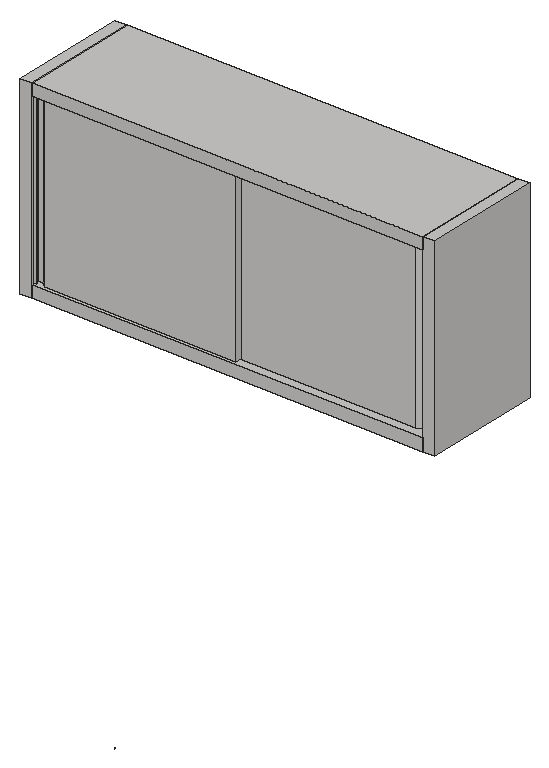
Revit family "QF_ZANUSSI_133211_PSS1400LCN", category Attrezzature speciali, Revit 2020
Family settings
  Quota connettore circolare = Usa diametro
  Tipo di parte = Normale
  Basato su piano di lavoro = No
  Sempre verticale = Sì
  Taglio con vuoti quando caricato = No
  Condiviso = No
  Punto di calcolo locali = No
Parameters (values of type "Standard")
  Weight = 31.00 kg
  Watts = 0 W
  Volts = 0 V
  URL Manufacturer = "http://www.zanussiprofessional.com"
  URL = "http://www.zanussiprofessional.com"
  Steam Supply Size = 0 mm
  Steam Supply Minimum Pressure = 0.0 Pa
  Steam Supply Maximum Pressure = 0.0 Pa
  Steam Consumption per Hour = 0
  Refrigeration Suction Line Size = 0.0 mm
  Refrigeration Liquid Line Size = 0.0 mm
  Refrigerant Compressor Remote = yes
  Prospetto di default = 0.0 mm
  Phase = 0
  Modello = "PSS1400LCN"
  Produttore = "Zanussi"
  Length Actual = 1400.0 mm  # constant formula
  Item Number = "133211"
  Hot Water Size = 0 mm
  Height Actual = 650.0 mm  # constant formula
  HP = "0 HP"
  Gas Size = 0 mm
  Gas KW = 0
  Gas Input Pressure = 0 W
  Direct Waste Size = 0 mm
  Descrizione = "WALL CUPBOARD+ PLATE RACK 2 DOORS 1400MM"
  Depth Actual = 400.0 mm  # constant formula
  Cycle = 0 Hz
  Condensate Return Size = 0 mm
  Compressed Air Volume = 0.0 L/s
  Compressed Air Size = 0 mm
  Compressed Air Pressure = 0.0 Pa
  Cold Water Size = 0 mm
  Accessory = yes
Reference planes
  plane 1 "Center (Front/Back)": y = 0
  plane 2: z = 0
  plane 3 "Center (Left/Right)": x = -300
  plane 4 "LEFT": x = -1000
  plane 5 "RIGHT": x = 400
  plane 6 "BACK": y = 200
  plane 7 "FRONT": y = -200
  plane 8 "Base": z = 2200
  plane 9 "BASE": z = 1550
  plane 10: x = -960
  plane 11: x = 360
  plane 12: y = -197
  plane 13: y = 150
  plane 14: y = 197
Forms (mm)
  Extrusion 1, solid, material "QF_Finishes_Stainless Steel"
    sketch origin (0, 0, 1550) x (-1, 0, 0) y (0, -1, 0)
      loop
        line (1000, -200) -> (1000, 200) -> (960, 200) -> (960, -200) -> (1000, -200)
      loop
        line (-360, -200) -> (-360, 200) -> (-400, 200) -> (-400, -200) -> (-360, -200)
    from 0 to 650
  Extrusion 2, solid, material "QF_Finishes_Stainless Steel"
    sketch origin (0, 0, 1550) x (-1, 0, 0) y (0, -1, 0)
      loop
        line (960, -150) -> (960, 200) -> (-360, 200) -> (-360, -150) -> (960, -150)
    from 0 to 40
  Extrusion 3, solid, material "QF_Finishes_Stainless Steel"
    sketch origin (0, 0, 0) x (1, 0, 0) y (0, 1, 0)
      loop
        line (-960, -200) -> (360, -200) -> (360, 200) -> (-960, 200) -> (-960, -200)
    from 2160 to 2200
  Extrusion 4, solid, material "QF_Finishes_Stainless Steel"
    sketch origin (0, 0, 0) x (1, 0, 0) y (0, 1, 0)
      loop
        line (-273.481, -197) -> (-273.481, -177) -> (-957, -177) -> (-957, -197) -> (-947, -197) -> (-947, -194) -> (-954, -194) -> (-954, -182) -> (-937, -182) -> (-917, -197) -> (-273.481, -197)
    from 1597 to 2160
  Extrusion 5, solid, material "QF_Finishes_Stainless Steel"
    sketch origin (0, 0, 0) x (1, 0, 0) y (0, 1, 0)
      loop
        line (-326.5, -177) -> (317, -177) -> (337, -162) -> (354, -162) -> (354, -174) -> (347, -174) -> (347, -177) -> (357, -177) -> (357, -157) -> (-326.5, -157) -> (-326.5, -177)
    from 2160 to 1597
  Extrusion 6, solid, material "QF_Finishes_Stainless Steel"
    sketch origin (0, 0, 0) x (1, 0, 0) y (0, 1, 0)
      loop
        line (-273.481, 197) -> (-917, 197) -> (-937, 182) -> (-954, 182) -> (-954, 194) -> (-947, 194) -> (-947, 197) -> (-957, 197) -> (-957, 177) -> (-273.481, 177) -> (-273.481, 197)
    from 1597 to 2160
  Extrusion 7, solid, material "QF_Finishes_Stainless Steel"
    sketch origin (0, 0, 0) x (1, 0, 0) y (0, 1, 0)
      loop
        line (-326.5, 177) -> (-326.5, 157) -> (357, 157) -> (357, 177) -> (347, 177) -> (347, 174) -> (354, 174) -> (354, 162) -> (337, 162) -> (317, 177) -> (-326.5, 177)
    from 2160 to 1597
  Extrusion 8, solid, material "QF_Finishes_Stainless Steel"
    sketch origin (0, 0, 0) x (1, 0, 0) y (0, 1, 0)
      loop
        line (-1000, 200) -> (-1000, 199) -> (-999, 199) -> (-999, 200) -> (-1000, 200)
    from 0 to 1
Lines and regions (mm)
  symbolic lines, style "SpecialityEquipmentHiddenLines"
    curve 1: line (357, -157, 0) -> (-326.5, -157, 0)
    curve 2: line (-326.5, -157, 0) -> (-326.5, -177, 0)
    curve 3: line (317, -177, 0) -> (-957, -177, 0)
    curve 4: line (-273.5, -177, 0) -> (-273.5, -197, 0)
    curve 5: line (-957, -177, 0) -> (-957, -197, 0)
    curve 6: line (-937, -182, 0) -> (-954, -182, 0)
    curve 20: line (357, 157, 0) -> (-326.5, 157, 0)
    curve 21: line (-326.5, 157, 0) -> (-326.5, 177, 0)
    curve 22: line (317, 177, 0) -> (-957, 177, 0)
    curve 23: line (-273.5, 177, 0) -> (-273.5, 197, 0)
    curve 24: line (-957, 177, 0) -> (-957, 197, 0)
    curve 25: line (-937, 182, 0) -> (-954, 182, 0)
    curve 41: line (-917, -197, 0) -> (-273.5, -197, 0)
    curve 42: line (-957, -197, 0) -> (-947, -197, 0)
    curve 43: line (-947, 197, 0) -> (-957, 197, 0)
    curve 44: line (-917, 197, 0) -> (-273.5, 197, 0)
  symbolic lines
    curve 7: line (-1000, 200, 0) -> (400, -200, 0)
    curve 8: line (400, 200, 0) -> (-1000, -200, 0)
    curve 9: line (-937, -182, 0) -> (-917, -197, 0)
    curve 10: line (-954, -182, 0) -> (-954, -194, 0)
    curve 11: line (-954, -194, 0) -> (-947, -194, 0)
    curve 12: line (-947, -194, 0) -> (-947, -197, 0)
    curve 13: line (357, -157, 0) -> (357, -177, 0)
    curve 14: line (357, -177, 0) -> (347, -177, 0)
    curve 15: line (347, -177, 0) -> (347, -174, 0)
    curve 16: line (347, -174, 0) -> (354, -174, 0)
    curve 17: line (354, -174, 0) -> (354, -162, 0)
    curve 18: line (354, -162, 0) -> (337, -162, 0)
    curve 19: line (317, -177, 0) -> (337, -162, 0)
    curve 26: line (-937, 182, 0) -> (-917, 197, 0)
    curve 27: line (-954, 182, 0) -> (-954, 194, 0)
    curve 28: line (-954, 194, 0) -> (-947, 194, 0)
    curve 29: line (-947, 194, 0) -> (-947, 197, 0)
    curve 30: line (357, 157, 0) -> (357, 177, 0)
    curve 31: line (357, 177, 0) -> (347, 177, 0)
    curve 32: line (347, 177, 0) -> (347, 174, 0)
    curve 33: line (347, 174, 0) -> (354, 174, 0)
    curve 34: line (354, 174, 0) -> (354, 162, 0)
    curve 35: line (354, 162, 0) -> (337, 162, 0)
    curve 36: line (317, 177, 0) -> (337, 162, 0)
    curve 37: line (-1000, 200, 0) -> (400, 200, 0)
    curve 38: line (-1000, -200, 0) -> (-1000, 200, 0)
    curve 39: line (400, -200, 0) -> (-1000, -200, 0)
    curve 40: line (400, 200, 0) -> (400, -200, 0)
Dimensions and locks
  plane 4 "LEFT" to plane 5 "RIGHT" = 1400.0 mm
  equal spacing: plane 4 "LEFT", plane 3 "Center (Left/Right)", plane 5 "RIGHT"
  plane 6 "BACK" to plane 7 "FRONT" = 400.0 mm
  equal spacing: plane 6 "BACK", plane 1 "Center (Front/Back)", plane 7 "FRONT"
  plane 9 "BASE" to level = 1550.0 mm
  locked: plane 4 "LEFT" to plane 10 at 40
  locked: plane 11 to plane 5 "RIGHT" at 40
  plane 12 to plane 7 "FRONT" = 3.0 mm
  plane 6 "BACK" to plane 13 = 50.0 mm
  locked: plane 8 "Base" to plane 9 "BASE" at 650
  aligned and locked: level to plane 2
  aligned and locked: plane 8 "Base" to Extrusion 1
  aligned and locked: plane 6 "BACK" to Extrusion 1 sketch curve
  aligned and locked: Extrusion 1 sketch curve to plane 6 "BACK"
  aligned and locked: plane 7 "FRONT" to Extrusion 1 sketch curve
  aligned and locked: Extrusion 1 sketch curve to plane 7 "FRONT"
  aligned and locked: plane 10 to Extrusion 1
  aligned and locked: Extrusion 1 to plane 11
  aligned and locked: Extrusion 2 to plane 10
  aligned and locked: plane 11 to Extrusion 2
  aligned and locked: plane 8 "Base" to Extrusion 3
  aligned and locked: Extrusion 2 to plane 13
  aligned and locked: Extrusion 3 to plane 7 "FRONT"
  aligned and locked: Extrusion 2 to plane 7 "FRONT"
Automatic sketch dimensions
  Extrusion 1 sketch curve to plane 5 "RIGHT" = 0.0 mm
  Extrusion 1 sketch curve to plane 11 = 0.0 mm
  Extrusion 1 sketch curve to plane 10 = 0.0 mm
  Extrusion 1 sketch curve to plane 4 "LEFT" = 0.0 mm
  Extrusion 2 sketch curve to plane 11 = 0.0 mm
  Extrusion 2 sketch curve to plane 10 = 0.0 mm
  plane 13 to Extrusion 2 sketch curve = 0.0 mm
  Extrusion 2 sketch curve to plane 12 = 3.0 mm
  Extrusion 3 sketch curve to plane 10 = 0.0 mm
  Extrusion 3 sketch curve to plane 11 = 0.0 mm
  Extrusion 3 sketch curve to plane 12 = 3.0 mm
  Extrusion 3 sketch curve to plane 14 = 3.0 mm
  Extrusion 4 sketch curve to plane 12 = 0.0 mm  (x2)
  plane 10 to Extrusion 4 sketch curve = 3.0 mm
  Extrusion 4 sketch curve to Extrusion 4 sketch curve = 3.0 mm
  Extrusion 4 sketch curve to Extrusion 4 sketch curve = 7.0 mm
  Extrusion 4 sketch curve to Extrusion 4 sketch curve = 10.0 mm
  plane 3 "Center (Left/Right)" to Extrusion 4 sketch curve = 26.519 mm
  plane 12 to Extrusion 4 sketch curve = 3.0 mm
  Extrusion 4 sketch curve to Extrusion 4 sketch curve = 12.0 mm
  Extrusion 4 sketch curve to Extrusion 4 sketch curve = 20.0 mm  (x2)
  Extrusion 4 sketch curve to Extrusion 4 sketch curve = 0.0 mm
  Extrusion 5 sketch curve to plane 3 "Center (Left/Right)" = 26.5 mm
  plane 12 to Extrusion 5 sketch curve = 20.0 mm  (x2)
  Extrusion 5 sketch curve to plane 11 = 43.0 mm
  Extrusion 5 sketch curve to plane 11 = 23.0 mm
  Extrusion 5 sketch curve to plane 11 = 13.0 mm
  Extrusion 5 sketch curve to plane 11 = 6.0 mm
  Extrusion 5 sketch curve to plane 11 = 3.0 mm
  Extrusion 5 sketch curve to Extrusion 5 sketch curve = 3.0 mm
  Extrusion 5 sketch curve to Extrusion 5 sketch curve = 12.0 mm
  Extrusion 5 sketch curve to Extrusion 5 sketch curve = 20.0 mm
  plane 14 to Extrusion 6 sketch curve = 0.0 mm  (x2)
  Extrusion 6 sketch curve to plane 10 = 3.0 mm
  Extrusion 6 sketch curve to Extrusion 6 sketch curve = 3.0 mm
  Extrusion 6 sketch curve to Extrusion 6 sketch curve = 7.0 mm
  Extrusion 6 sketch curve to Extrusion 6 sketch curve = 10.0 mm
  Extrusion 6 sketch curve to plane 3 "Center (Left/Right)" = 26.519 mm
  Extrusion 6 sketch curve to plane 14 = 3.0 mm
  Extrusion 6 sketch curve to Extrusion 6 sketch curve = 12.0 mm
  Extrusion 6 sketch curve to Extrusion 6 sketch curve = 20.0 mm  (x2)
  Extrusion 6 sketch curve to Extrusion 6 sketch curve = 0.0 mm
  plane 3 "Center (Left/Right)" to Extrusion 7 sketch curve = 26.5 mm
  Extrusion 7 sketch curve to plane 14 = 20.0 mm  (x2)
  plane 11 to Extrusion 7 sketch curve = 43.0 mm
  plane 11 to Extrusion 7 sketch curve = 23.0 mm
  plane 11 to Extrusion 7 sketch curve = 13.0 mm
  plane 11 to Extrusion 7 sketch curve = 6.0 mm
  plane 11 to Extrusion 7 sketch curve = 3.0 mm
  Extrusion 7 sketch curve to Extrusion 7 sketch curve = 3.0 mm
  Extrusion 7 sketch curve to Extrusion 7 sketch curve = 12.0 mm
  plane 13 to Extrusion 7 sketch curve = 7.0 mm
  Extrusion 8 sketch curve to plane 6 "BACK" = 0.0 mm
  Extrusion 8 sketch curve to plane 4 "LEFT" = 0.0 mm
  plane 4 "LEFT" to Extrusion 8 sketch curve = 1.0 mm
  Extrusion 8 sketch curve to plane 6 "BACK" = 1.0 mm
  curve 39 to plane 4 "LEFT" = 0.0 mm
  curve 5 to plane 12 = 0.0 mm
  plane 14 to curve 24 = 0.0 mm
  curve 41 to plane 12 = 0.0 mm
  plane 14 to curve 26 = 0.0 mm
  curve 40 to plane 5 "RIGHT" = 0.0 mm
  curve 7 to plane 7 "FRONT" = 0.0 mm
  curve 7 to plane 6 "BACK" = 0.0 mm
  plane 10 to curve 24 = 3.0 mm
  plane 10 to curve 5 = 3.0 mm
  curve 24 to curve 27 = 3.0 mm
  curve 3 to curve 6 = 3.0 mm
  plane 12 to curve 12 = 3.0 mm
  curve 10 to curve 12 = 7.0 mm
  curve 27 to curve 29 = 7.0 mm
  curve 12 to curve 41 = 30.0 mm
  curve 29 to curve 26 = 30.0 mm
  curve 1 to plane 3 "Center (Left/Right)" = 26.5 mm
  curve 20 to plane 13 = 7.0 mm
  curve 20 to plane 3 "Center (Left/Right)" = 26.5 mm
  plane 3 "Center (Left/Right)" to curve 23 = 26.5 mm
  plane 3 "Center (Left/Right)" to curve 41 = 26.5 mm
  plane 12 to curve 3 = 20.0 mm
  curve 3 to plane 11 = 43.0 mm
  plane 14 to curve 36 = 20.0 mm
  curve 36 to plane 11 = 43.0 mm
  curve 36 to plane 11 = 23.0 mm
  curve 18 to plane 11 = 23.0 mm
  curve 14 to plane 11 = 13.0 mm
  curve 31 to plane 11 = 13.0 mm
  curve 34 to plane 11 = 6.0 mm
  curve 17 to plane 11 = 6.0 mm
  curve 31 to plane 11 = 3.0 mm
  curve 13 to plane 11 = 3.0 mm
  curve 6 to curve 3 = 5.0 mm
  plane 12 to curve 13 = 20.0 mm
  curve 14 to curve 16 = 3.0 mm
  curve 15 to curve 19 = 12.0 mm
  curve 2 to curve 2 = 20.0 mm
  curve 20 to curve 35 = 5.0 mm
  curve 34 to curve 33 = 12.0 mm
  curve 33 to curve 30 = 3.0 mm
  curve 22 to curve 25 = 5.0 mm
  plane 14 to curve 28 = 3.0 mm
  plane 14 to curve 26 = 15.0 mm
  plane 12 to curve 9 = 15.0 mm
